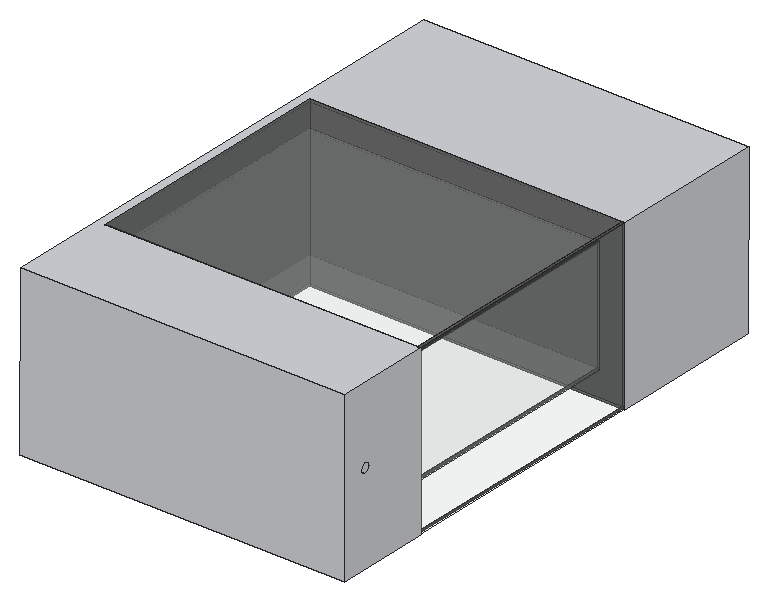
Revit family "Fireplace_Gas_DaVinci_Linear-Pier", category Mechanical Equipment, host Face, Revit 2026
Family settings
  Host = Face
  Round Connector Dimension = Use Diameter
  Part Type = Normal
  Classification Number = 23.40.20.34.14
  Cut with Voids When Loaded = Yes
  Maintain Annotation Orientation = No
  Shared = No
  Room Calculation Point = No
Parameters
  Warranty Duration (Years) = 0
  Unit Length = 3' - 2"
  Unit Height = 4' - 11 3/16"
  Unit Depth = 1' - 7 5/8"
  URL = "http://www.davincifireplace.com/"
  Test Data = ""
  Standards Conformance = "as Specified"
  Specification = "http://www.arcat.com/sdspecs/htm04/10_31_00.10tra.htm"
  SpecWizard = "http://www.arcat.com/specwizard/10307tra/index04.htm"
  Send Message = ""
  Sales Information = "http://www.davincifireplace.com/ContactUs.aspx"
  Revision = "R1_2017-04"
  Recess Into Host [instance] = 0' - 0 1/4"
  Product Properties = "http://www.davincifireplace.com/products.aspx"
  Product Data = "http://www.arcat.com/arcatcos/cos49/arc49714.html"
  Pressure Ranges [instance] = "5.5 - 7wc for NG  ;  11 - 13wc for LP"  # constant formula
  Opening Length = 3' - 0"
  Opening Height from Base of Unit = 0' - 11 1/8"
  Opening Height = 2' - 6"
  Mounting Height [instance] = 3' - 0"
  Model = "As Specified"
  Media Material [instance] = Media - DaVinci - as Specified
  Manufacturer Website = "http://www.davincifireplace.com/"
  Manufacturer Phone - Toll Free = "800-654-1177"
  Manufacturer Phone = "425-609-2500"
  Manufacturer Fax = "425-609-2781"
  Manufacturer Address = "12521 Harbour Reach Dr.  Mukilteo, WA 98275"
  Manufacturer = "DaVinci Custom Fireplaces , Travis Industries Division"
  Maintenance Schedule (Months) = 0
  Locate Gas Connection from Front [instance] = 0' - 9"
  Locate Gas Connection Vertical [instance] = 0' - 3"
  Locate Exhaust = 1' - 7"
  Locate Air Inlet D = 0' - 7 1/4"
  Locate Air Inlet C = 1' - 1 3/4"
  Locate Air Inlet B = 0' - 7.32846"
  Locate Air Inlet A = 0' - 4.92154"
  Keynote = "10 31 00"
  Interior Finish [instance] = Finish - DaVinci - Black Porcelain
  Installation-Fabrication = ""
  Installation Phase = ""
  Inlet Volume [instance] = 0 CFM
  HVAC_Outlet Volume [instance] = 0 CFM
  HVAC_Exit Temperature [instance] = 0 °F
  HVAC_Exit Diameter [instance] = 6"
  HVAC_Entry Diameter [instance] = 4"
  HVAC_BTU Input = 14500.0 Btu/h * (BTU Input per Foot)  # 43500.0 Btu/h
  Green Building-LEED = ""
  Glazing Tint [instance] = Glass - DaVinci - Clear
  Glazing Edge Color [instance] = Finish - DaVinci - Black Paint
  Gas Connection Inlet Diameter [instance] = 1/2"
  Fuel Type [instance] = "as Specified"
  Extend Void Opening to Side [instance] = 0' - 5"
  Expected Lifespan (Years) = 0
  Electrical_Voltage = 120 V
  Electrical_Amperage = 7 A
  Drawn By = "Sumex Design, Inc. / Robert S. Weygant, CSI, CDT, SCIP"
  Description = ""
  Default Elevation = 0' - 0"  # constant formula
  Copyright = "©Arcat Inc."
  Construction Details = "http://www.arcat.com/details/davinfp/davinfp.html?coid=49714"
  Building Codes = ""
  BTU Input per Foot = Opening Length / 1' 0"  # 3
  BTU Input Notes = "BTU Input per linear foot of the Fireplace Length"  # constant formula
  Available Options [instance] = "as Specified"
  Assembly Code = "E1090900"
Reference planes (in)
  plane 1 "Center (Front/Back)": y = 9.75604
  plane 2: z = 0
  plane 3 "Center (Left/Right)": x = 0
  plane 4: y = 39.34979
  plane 5: y = -19.83771
  plane 6: x = -19
  plane 7: x = 19
  plane 8 "Front": z = -0.25
  plane 9 "Rear": z = -19.875
  plane 10: y = -8.71271
  plane 11: y = 21.28729
  plane 12: x = -18
  plane 13 "FF": y = -44.71271
  plane 14: x = 14.25
  plane 15: x = 7
  plane 16: x = -6.75
  plane 17: x = -14.07846
  plane 18: z = -10.0625
Forms (in)
  Extrusion 1, solid
    sketch origin (-15.17702, -180, -19.875) x (-1, 0, 0) y (0, -1, 0)
      loop
        line (3.82298, -219.34979) -> (3.82298, -160.16229) -> (-34.17702, -160.16229) -> (-34.17702, -171.28729) -> (2.82298, -171.28729) -> (2.82298, -201.28729) -> (-34.17702, -201.28729) -> (-34.17702, -219.34979) -> (3.82298, -219.34979)
    from 0 to 19.625
  Extrusion 2, void
    sketch origin (-15.17702, -180, -19.875) x (0, -1, 0) y (-1, 0, 0)
      loop
        line (-219.34979, 3.82298) -> (-219.34979, -34.17702) -> (-160.16229, -34.17702) -> (-160.16229, 3.82298) -> (-219.34979, 3.82298)
    from 0 to -19.625
  Extrusion 3, void
    sketch origin (-15.17702, -180, -0.25) x (0, -1, 0) y (-1, 0, 0)
      loop
        line (-171.25604, 2.85423) -> (-201.31854, 2.85423) -> (-201.31854, -39.17702) -> (-171.25604, -39.17702) -> (-171.25604, 2.85423)
    from 9.8125 to -12
  Extrusion 4, solid, material "Glass - DaVinci - Clear" <- "Glazing Tint"
    sketch origin (-15.17702, -180, -0.25) x (-1, 0, 0) y (0, -1, 0)
      loop
        line (2.82298, -201.28729) -> (2.82298, -171.28729) -> (-33.92702, -171.28729) -> (-33.92702, -201.28729) -> (2.82298, -201.28729)
    from 0 to -0.25
  Extrusion 5, solid, material "Glass - DaVinci - Clear" <- "Glazing Tint"
    sketch origin (-15.17702, -180, -0.25) x (-1, 0, 0) y (0, -1, 0)
      loop
        line (2.82298, -201.28729) -> (2.82298, -171.28729) -> (-30.92702, -171.28729) -> (-30.92702, -201.28729) -> (2.82298, -201.28729)
    from -3.25 to -3
  Extrusion 6, solid, material "Media - DaVinci - as Specified" <- "Media Material"
    sketch origin (0, -23.83771, -10.0625) x (0, -1, 0) y (1, 0, 0)
      loop
        line (-15.125, -18) -> (-15.125, 18) -> (-15.5, 18) -> (-15.5, -18) -> (-15.125, -18)
    from 9.5625 to -9.5625
  Extrusion 7, solid
    sketch origin (-11.83813, 39.34979, 48) x (-1, 0, 0) y (0, 0, 1)
      loop
        circle (-11.83813, -58.0625) r 3
    from 0 to 2.5
  Extrusion 8, solid
    sketch origin (-11.83813, 39.34979, 48) x (-1, 0, 0) y (0, 0, 1)
      loop
        circle (-26.08813, -58.0625) r 2
    from 0 to 2.5
  Extrusion 9, solid
    sketch origin (-11.83813, 39.34979, 48) x (-1, 0, 0) y (0, 0, 1)
      loop
        circle (-18.83813, -58.0625) r 2
    from 0 to 2.5
  Extrusion 10, solid
    sketch origin (-11.83813, 39.34979, 48) x (-1, 0, 0) y (0, 0, 1)
      loop
        circle (-5.08813, -58.0625) r 2
    from 0 to 2.5
  Extrusion 11, solid
    sketch origin (-11.83813, 39.34979, 48) x (-1, 0, 0) y (0, 0, 1)
      loop
        circle (2.24033, -58.0625) r 2
    from 0 to 2.5
  Extrusion 12, solid
    sketch origin (19, 19.13326, 48) x (0, 1, 0) y (0, 0, 1)
      loop
        circle (-35.97098, -57.25) r 0.5
    from 0 to -0.69567
  Extrusion 13, solid, material "Glass - DaVinci - Clear" <- "Glazing Tint"
    sketch origin (-15.17702, -180, -19.875) x (-1, 0, 0) y (0, -1, 0)
      loop
        line (2.82298, -201.28729) -> (2.82298, -171.28729) -> (-33.92702, -171.28729) -> (-33.92702, -201.28729) -> (2.82298, -201.28729)
    from 0 to 0.25
  Extrusion 14, solid, material "Glass - DaVinci - Clear" <- "Glazing Tint"
    sketch origin (-15.17702, -180, -19.875) x (-1, 0, 0) y (0, -1, 0)
      loop
        line (2.82298, -201.28729) -> (2.82298, -171.28729) -> (-30.92702, -171.28729) -> (-30.92702, -201.28729) -> (2.82298, -201.28729)
    from 3.25 to 3
  Extrusion 15, void
    sketch origin (-15.17702, -180, -19.875) x (0, -1, 0) y (-1, 0, 0)
      loop
        line (-171.25604, 2.85423) -> (-201.31854, 2.85423) -> (-201.31854, -39.17702) -> (-171.25604, -39.17702) -> (-171.25604, 2.85423)
    from -9.8125 to 12
  Extrusion 16, void
    sketch origin (0, 9.75604, 0) x (1, 0, 0) y (0, 0, 1)
      loop
        line (-18, 4.75) -> (-18, -24.875) -> (24, -24.875) -> (24, 4.75) -> (-18, 4.75)
    from -11.53125 to 18.46875
  Extrusion 17, solid, material "Glass - DaVinci - Clear" <- "Glazing Tint"
    sketch origin (-15.17702, -180, -0.25) x (-1, 0, 0) y (0, -1, 0)
      loop
        line (-34.17702, -201.28729) -> (-33.92702, -201.28729) -> (-33.92702, -171.28729) -> (-34.17702, -171.28729) -> (-34.17702, -201.28729)
    from -19.625 to 0
  Extrusion 18, solid, material "Glass - DaVinci - Clear" <- "Glazing Tint"
    sketch origin (0, -23.83771, -10.0625) x (0, -1, 0) y (1, 0, 0)
      loop
        line (-45.125, 15.75) -> (-15.125, 15.75) -> (-15.125, 16) -> (-45.125, 16) -> (-45.125, 15.75)
    from -6.8125 to 6.8125
Cuts and joins
  Extrusion 15 cuts Extrusion 4
Dimensions and locks (in)
  equal spacing: plane 4, plane 1 "Center (Front/Back)", plane 5
  "Unit Height": plane 4 to plane 5
  equal spacing: plane 6, plane 3 "Center (Left/Right)", plane 7
  "Unit Length": plane 6 to plane 7
  "Recess Into Host": level to plane 8 "Front"
  "Unit Depth": plane 8 "Front" to plane 9 "Rear"
  "Opening Height from Base of Unit": plane 10 to plane 5
  "Opening Height": plane 11 to plane 10
  locked: Extrusion 3 sketch curve to plane 12 at 0.03125
  locked: Extrusion 3 sketch curve to plane 11 at 0.03125
  locked: plane 10 to Extrusion 3 sketch curve at 0.03125
  "Mounting Height": plane 10 to plane 13 "FF"
  locked: Extrusion 6 sketch curve to plane 10 at 0.375
  equal spacing: plane 8 "Front", Extrusion 7 sketch curve, plane 9 "Rear"
  "Locate Exhaust": Extrusion 7 sketch curve to plane 6
  equal spacing: plane 8 "Front", Extrusion 8 sketch curve, plane 9 "Rear"
  locked: plane 14 to Extrusion 8 sketch curve at 0
  locked: Extrusion 9 sketch curve to plane 15 at 0
  equal spacing: plane 8 "Front", Extrusion 9 sketch curve, plane 9 "Rear"
  locked: Extrusion 10 sketch curve to plane 16 at 0
  equal spacing: plane 8 "Front", Extrusion 10 sketch curve, plane 9 "Rear"
  locked: Extrusion 11 sketch curve to plane 17 at 0
  equal spacing: plane 8 "Front", Extrusion 11 sketch curve, plane 9 "Rear"
  "Locate Gas Connection Vertical": plane 5 to Extrusion 12 sketch curve
  "Locate Gas Connection from Front": plane 8 "Front" to Extrusion 12 sketch curve
  equal spacing: plane 8 "Front", plane 18, plane 9 "Rear"
  locked: Extrusion 15 sketch curve to plane 11 at 0.03125
  locked: plane 10 to Extrusion 15 sketch curve at 0.03125
  locked: Extrusion 15 sketch curve to plane 12 at 0.03125
  "Locate Air Inlet A": plane 17 to plane 6
  "Locate Air Inlet B": plane 17 to plane 16
  "Locate Air Inlet C": plane 16 to plane 15
  "Locate Air Inlet D": plane 15 to plane 14
  "Extend Void Opening to Side": plane 7 to Extrusion 3 sketch curve
  "Extend Void Opening to Side": plane 7 to Extrusion 15 sketch curve
  "Extend Void Opening to Side": Extrusion 16 sketch curve to plane 8 "Front"
  "Extend Void Opening to Side": plane 9 "Rear" to Extrusion 16 sketch curve
  "Extend Void Opening to Side": Extrusion 16 sketch curve to plane 7
  locked: Extrusion 17 sketch curve to plane 7 at 0.25
  locked: Extrusion 13 sketch curve to plane 7 at 0.25
  locked: Extrusion 4 sketch curve to plane 7 at 0.25
  locked: plane 6 to plane 12 at 1
  locked: Extrusion 14 sketch curve to plane 7 at 3.25
  locked: Extrusion 5 sketch curve to plane 7 at 3.25
  Extrusion 18 sketch curve to Extrusion 18 sketch curve to plane 7 = 0' - 0 1/4" locked, 0' - 3" locked
  aligned and locked: plane 2 to host face
  aligned and locked: level to host face
  aligned and locked: Extrusion 1 sketch curve to plane 4
  aligned and locked: Extrusion 1 sketch curve to plane 6
  aligned and locked: plane 5 to Extrusion 1 sketch curve
  aligned and locked: Extrusion 1 sketch curve to plane 7  (x2)
  aligned and locked: Extrusion 1 sketch curve to plane 11
  aligned and locked: plane 12 to Extrusion 1 sketch curve
  aligned and locked: Extrusion 1 sketch curve to plane 10
  aligned and locked: Extrusion 1 to plane 9 "Rear"
  aligned and locked: plane 8 "Front" to Extrusion 1
  aligned and locked: plane 8 "Front" to Extrusion 2
  aligned and locked: plane 12 to Extrusion 4 sketch curve
  aligned and locked: Extrusion 4 sketch curve to plane 11
  aligned and locked: Extrusion 4 sketch curve to plane 10
  aligned and locked: plane 12 to Extrusion 5 sketch curve
  aligned and locked: Extrusion 5 sketch curve to plane 11
  aligned and locked: plane 10 to Extrusion 5 sketch curve
  aligned and locked: Extrusion 6 sketch curve to plane 12
  aligned and locked: Extrusion 6 sketch curve to plane 10
  aligned and locked: plane 12 to Extrusion 13 sketch curve
  aligned and locked: Extrusion 13 sketch curve to plane 11
  aligned and locked: Extrusion 13 sketch curve to plane 10
  aligned and locked: plane 12 to Extrusion 14 sketch curve
  aligned and locked: Extrusion 14 sketch curve to plane 11
  aligned and locked: plane 10 to Extrusion 14 sketch curve
  aligned and locked: Extrusion 3 to plane 18
  aligned and locked: plane 18 to Extrusion 15
  aligned and locked: Extrusion 16 to plane 10
  aligned and locked: Extrusion 16 to plane 11
  aligned and locked: Extrusion 17 sketch curve to plane 11
  aligned and locked: plane 10 to Extrusion 17 sketch curve
  aligned and locked: plane 7 to Extrusion 17 sketch curve
  aligned and locked: Extrusion 17 to plane 9 "Rear"
  aligned and locked: plane 8 "Front" to Extrusion 17
  aligned and locked: Extrusion 18 sketch curve to plane 11
  aligned and locked: plane 10 to Extrusion 18 sketch curve
Automatic sketch dimensions
  host sketch curve to host sketch curve = 5' - 7.40303"
  host sketch curve to host sketch curve = 8' - 0"
  Extrusion 2 sketch curve to plane 4 = 0' - 0"
  Extrusion 2 sketch curve to plane 5 = 0' - 0"
  Extrusion 2 sketch curve to plane 6 = 0' - 0"
  Extrusion 2 sketch curve to plane 7 = 0' - 0"
  Extrusion 6 sketch curve to plane 7 = 0' - 1"
  plane 12 to Extrusion 16 sketch curve = 0' - 0"
  radius of Extrusion 8 sketch curve = 0' - 2"
  radius of Extrusion 9 sketch curve = 0' - 2"
  radius of Extrusion 10 sketch curve = 0' - 2"
  radius of Extrusion 11 sketch curve = 0' - 2"
  radius of Extrusion 7 sketch curve = 0' - 3"
  radius of Extrusion 12 sketch curve = 0' - 0 1/2"
Connectors (in)
  hvac at (0, 41.84979, -10.0625), driven by "HVAC_Outlet Volume", driven by "HVAC_Exit Diameter"
    settings: on Extrusion 7, index 2, duct flow 0 CFM, flow factor 0, pres drop 0.00 in-wg, loss coef 0, conn angle 0.00°, conn width 12", conn height 12", conn diameter 6", duct sys type 3, conn prof type 0, flow config 0, flow direction 2, loss method 0, conn ref index -1, conn util no, is conn primary yes, conn desc ""
  hvac at (14.25, 41.84979, -10.0625), driven by "Inlet Volume", driven by "HVAC_Entry Diameter"
    settings: on Extrusion 8, index 3, duct flow 0 CFM, flow factor 0, pres drop 0.00 in-wg, loss coef 0, conn angle 0.00°, conn width 12", conn height 12", conn diameter 4", duct sys type 4, conn prof type 0, flow config 0, flow direction 1, loss method 0, conn ref index -1, conn util no, is conn primary no, conn desc ""
  hvac at (7, 41.84979, -10.0625), driven by "Inlet Volume", driven by "HVAC_Entry Diameter"
    settings: on Extrusion 9, index 4, duct flow 0 CFM, flow factor 0, pres drop 0.00 in-wg, loss coef 0, conn angle 0.00°, conn width 12", conn height 12", conn diameter 4", duct sys type 4, conn prof type 0, flow config 0, flow direction 1, loss method 0, conn ref index -1, conn util no, is conn primary no, conn desc ""
  hvac at (-6.75, 41.84979, -10.0625), driven by "Inlet Volume", driven by "HVAC_Entry Diameter"
    settings: on Extrusion 10, index 5, duct flow 0 CFM, flow factor 0, pres drop 0.00 in-wg, loss coef 0, conn angle 0.00°, conn width 12", conn height 12", conn diameter 4", duct sys type 4, conn prof type 0, flow config 0, flow direction 1, loss method 0, conn ref index -1, conn util no, is conn primary no, conn desc ""
  hvac at (-14.07846, 41.84979, -10.0625), driven by "Inlet Volume", driven by "HVAC_Entry Diameter"
    settings: on Extrusion 11, index 6, duct flow 0 CFM, flow factor 0, pres drop 0.00 in-wg, loss coef 0, conn angle 0.00°, conn width 12", conn height 12", conn diameter 4", duct sys type 4, conn prof type 0, flow config 0, flow direction 1, loss method 0, conn ref index -1, conn util no, is conn primary no, conn desc ""
  piping at (19, -16.83771, -9.25), diameter 0.5, driven by "Gas Connection Inlet Diameter"
    settings: on Extrusion 12, index 7, connector inside diameter 24", connector length 0' - 0", flow factor 0, pipe flow 0 GPM, pressure drop 0.00 psi, fitting loss kfactor 0, connector angle 0.00°, fixture units 0, engagement length 0' - 0", angle of deflection 0.00°, flow configuration 0, flow direction 1, fitting loss method 0, system type 29, joint type 0, gender type 0, connector reference index -1, connector utility 0, adjustable connector no, is connector primary yes, connector description ""
  electrical at (19, -14.29084, -10.0625), driven by "Electrical_Voltage"
    settings: on host face, index 8, voltage 120 V, apparent load 0 VA, apparent load phase1 0 VA, apparent load phase2 0 VA, apparent load phase3 0 VA, power factor 1, load classification "Power", number of poles 1, system type 31, power factor state 1, is connector primary yes, connector utility no, sub classification motor no, connector description ""
